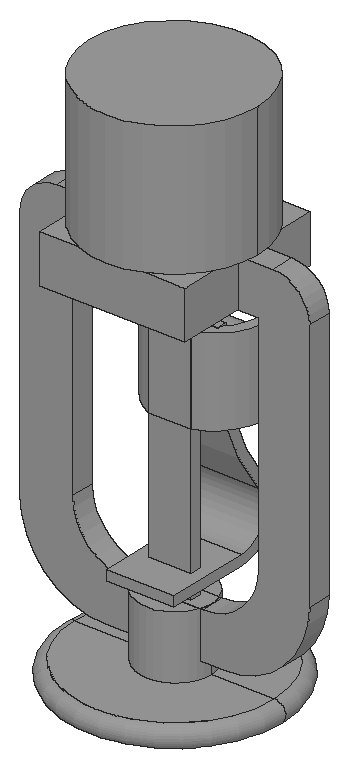
Revit family
Parameters (values of type "RASCO G PENDENT")
  Temperature Rating = 212 °F
  Response = (empty or 0)
  RASCO SIN # = "R1015"
  RASCO Part # = "GP2C"
  Pressure Rating = "175 PSI"
  Pressure Class = (empty or 0)
  Orifice Size = 1/2"
  Orifice = (empty or 0)
  Model = "G"
  Manufacturer = "RASCO"
  K-Factor = 5.62
  Description = "Chrome Finish"
  Coverage = (empty or 0)
Reference planes (in)
  plane 1 "Center (Front/Back)": y = 0
  plane 2: z = 0
  plane 3 "Center (Left/Right)": x = 0
Dimensions and locks (in)
  aligned and locked: plane 2 to level
Nested families (in)
  nested 1: "GP2C" at (-0.0055, 0.04909, 2.875) x (-1, 0, 0) z (0, 0, -1), type "RASCO G PENDENT"
Connectors (in)
  piping at (-0.0055, 0.04909, 2.875)
    settings: on nested 1, index 1, connector radius 0.43", flow factor 0, pipe flow 0 GPM, pressure drop 0.00 psi, fitting loss kfactor 0, connector angle 0.00°, fixture units 0, flow configuration 0, flow direction 0, fitting loss method 0, system type 7, connector reference index -1, connector utility 0, adjustable connector no, is connector primary yes, fitting loss table "", connector description ""
Definition of nested family "GP2C"
  Parameters (values of type "RASCO G PENDENT")
    Type Comments = ""
    Temperature Rating = 0 °F
    Response = (empty or 0)
    Pressure Rating = "0"
    Pressure Class = (empty or 0)
    Orifice Size = 0"
    Orifice = (empty or 0)
    Model = ""
    Manufacturer = ""
    K-Factor = 0
    Description = ""
    Coverage = (empty or 0)
    Assembly Code = ""
  Reference planes (in)
    plane 1 "Center (Front/Back)": y = 0
    plane 2: z = 0
    plane 3 "ref.2": z = 0.6875
    plane 4 "ref.3": z = 0.9375
    plane 5: x = -0.38065
    plane 6: x = 0.36935
    plane 7 "ref. side 1": y = 0.06402
    plane 8 "ref. side 2": y = -0.06098
    plane 9 "ref.4": z = 1.875
    plane 10 "ref.5": z = 2.875
    plane 11 "center": x = -0.00574
  Forms (in)
    Extrusion 1, solid, material "Default"
      sketch origin (0, 0, 0) x (1, 0, 0) y (0, 1, 0)
        loop
          circle (0, 0) r 0.438
      from 0 to 0.6875
    Extrusion 2, solid, material "Default"
      sketch origin (-0.12185, 0.05177, 0.6875) x (1, 0, 0) y (0, 1, 0)
        loop
          line (-0.2588, 0.356) -> (-0.2588, -0.4565) -> (0.4912, -0.4565) -> (0.4912, 0.356) -> (-0.2588, 0.356)
      from 0 to 0.25
    Extrusion 3, solid, material "Default"
      sketch origin (0, 0, 0) x (1, 0, 0) y (0, 0, 1)
        loop
          line (-0.49248, 0.9375) -> (-0.49248, 2.10276)
          arc (-0.49248, 2.10276) -> (-0.40724, 2.30855) -> (-0.20145, 2.39379) r 0.29103
          line (-0.20145, 2.39379) -> (0.18108, 2.39379)
          arc (0.18108, 2.39379) -> (0.38905, 2.30765) -> (0.47519, 2.09969) r 0.29411
          line (0.47519, 2.09969) -> (0.47519, 0.9375) -> (0.36935, 0.9375) -> (0.36935, 0.6875) -> (0.55741, 0.6875)
          arc (0.55741, 0.6875) -> (0.69165, 0.7431) -> (0.74725, 0.87734) r 0.18984
          line (0.74725, 0.87734) -> (0.74725, 2.19113)
          arc (0.74725, 2.19113) -> (0.61669, 2.50631) -> (0.3015, 2.63687) r 0.44574
          line (0.3015, 2.63687) -> (-0.30719, 2.63687)
          arc (-0.30719, 2.63687) -> (-0.62225, 2.50637) -> (-0.75275, 2.19131) r 0.44556
          line (-0.75275, 2.19131) -> (-0.75275, 0.87876)
          arc (-0.75275, 0.87876) -> (-0.69673, 0.74352) -> (-0.56149, 0.6875) r 0.19126
          line (-0.56149, 0.6875) -> (-0.38065, 0.6875) -> (-0.38065, 0.9375) -> (-0.49248, 0.9375)
      from -0.06402 to 0.06098
    Extrusion 4, solid, material "Default"
      sketch origin (-0.00199, 0, 2.4375) x (-1, 0, 0) y (0, -1, 0)
        loop
          circle (0.00574, -0.00152) r 0.1875
      from -0.04371 to 0.4375
    Revolve 5, solid, material "Default"
      sketch origin (-0.0011, 0, 0.30638) x (1, 0, 0) y (0, 0, 1)
        loop
          line (-0.00574, 2.41507) -> (-0.00574, 2.52719) -> (-0.52401, 2.52719)
          arc (-0.52401, 2.52719) -> (-0.58007, 2.47113) -> (-0.52401, 2.41507) r 0.05606
          line (-0.52401, 2.41507) -> (-0.00574, 2.41507)
        axis (-0.00574, 2.41507) -> (-0.00574, 2.52719)
      angle from 0 to 360
    Extrusion 6, solid, material "Default"
      sketch origin (0, 0, 0.9375) x (-1, 0, 0) y (0, -1, 0)
        loop
          line (-0.10175, -0.02852) -> (0.11324, -0.02852) -> (0.11324, 0.03101) -> (-0.10175, 0.03101) -> (-0.10175, -0.02852)
      from 0 to 1.45629
    Extrusion 7, solid, material "Default"
      sketch origin (-0.00574, -0.0095, -0.07537) x (0, 0, -1) y (0, -1, 0)
        loop
          line (-2.39379, 0.21198) -> (-2.39379, -0.229)
          arc (-2.39379, -0.229) -> (-2.26956, -0.41579) -> (-2.04926, -0.37342) r 0.20254
          arc (-2.04926, -0.37342) -> (-1.6599, -0.16721) -> (-1.22163, -0.12207) r 1.15319
          line (-1.22163, -0.12207) -> (-1.22163, -0.07087)
          arc (-1.22163, -0.07087) -> (-1.6782, -0.11947) -> (-2.0834, -0.33544) r 1.20419
          arc (-2.0834, -0.33544) -> (-2.24878, -0.36919) -> (-2.34279, -0.229) r 0.15154
          line (-2.34279, -0.229) -> (-2.34279, 0.21198) -> (-2.39379, 0.21198)
      from -0.17255 to 0.17398
    Extrusion 8, solid, material "Default"
      sketch origin (0, 0, 0) x (1, 0, 0) y (0, 1, 0)
        loop
          arc (0.23993, 0.23051) -> (0.19768, 0.11115) -> (0.10175, 0.02852) r 0.24647
          line (0.10175, 0.02852) -> (-0.11324, 0.02852)
          arc (-0.11324, 0.02852) -> (-0.21767, 0.12447) -> (-0.25194, 0.2621) r 0.24647
          line (-0.25194, 0.2621) -> (-0.25194, 0.40777) -> (-0.30719, 0.40777) -> (-0.30719, 0.25942)
          arc (-0.30719, 0.25942) -> (-0.25653, 0.08328) -> (-0.11324, -0.03101) r 0.30157
          line (-0.11324, -0.03101) -> (0.10175, -0.03101)
          arc (0.10175, -0.03101) -> (0.24461, 0.08262) -> (0.29574, 0.25785) r 0.30157
          line (0.29574, 0.25785) -> (0.29574, 0.40777) -> (0.23993, 0.40777) -> (0.23993, 0.23051)
      from 1.14626 to 1.59756
    Extrusion 9, solid, material "Default"
      sketch origin (-0.00574, -0.0095, -0.07537) x (0, 0, -1) y (0, -1, 0)
        loop
          circle (-1.44728, -0.26892) r 0.13147
      from -0.24568 to 0.24619
  Cuts and joins
    joined: Extrusion 1, Extrusion 2, Revolve 5
  Dimensions and locks (in)
    plane 10 "ref.5" to level = 2.875"
